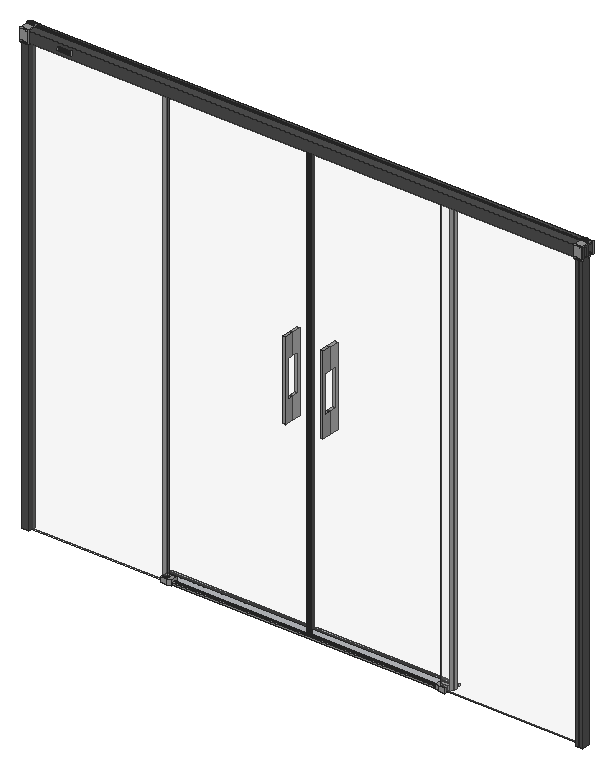
Revit family "Sanitary_Shower-screens_Duscholux_DuschoGredel_DuschoSyna_Slider-twin-doors-bath", category Plumbing Fixtures, Revit 2017
Family settings
  Round Connector Dimension = Use Diameter
  Part Type = Normal
  OmniClass Number = 23.45.00.00
  OmniClass Title = Sanitary, Laundry, and Cleaning Equipment
  Work Plane-Based = No
  Always vertical = Yes
  Cut with Voids When Loaded = No
  Shared = No
  Room Calculation Point = No
Parameters (values of type "Black Aluminium Finish")
  Uniclass 2015 Description = "Shower Enclosures"
  Uniclass 2015 Code = "PR-40-20-06-79"
  URL = "http://www.duscholux.es/"
  UNSPSC Code = "30181507"
  Thickness Safety Glass Sliding = 5 mm  # constant formula
  Text visibility = yes
  Technical Inspection Certificate (Applus) = "http://www.duscholux.es/resources/custom/var/APPLUS_en.pdf"
  Series = "Duscho Gredel"
  Region South America = "Consult"
  Region Oceania = "Consult"
  Region North America = "Consult"
  Region Middle East = "Consult"
  Region Europe = "AD, ES, FR, PT"
  Region Asia = "Consult"
  Region Antartica = "Consult"
  Region Africa = "Consult"
  Ref. = "6AW"
  Products = "http://www.duscholux.es/mamparas_filtro.aspx?es"
  Product group = "front for bath"
  Product family = "Duscho Gredel"
  Optional = "Towel rail / Shelf"
  Opening System Image = "http://blob.duscholux.es/pluma512/FB2f2pcorredera.gif"
  Opening System = "Sliding"
  Opening Percentage = 0
  Net Weight (Kg) = 54
  NBS Reference Description = "Shower Enclosures"
  NBS Reference Code = "45-35-70"
  Model = "DuschoSyna"
  Manufacturer name = "Duscholux Ibérica, S.A."
  Manufacturer country = "Spain"
  Manufacturer = "Duscholux Ibérica, S.A."
  Maintenance and Cleaning = "http://www.duscholux.es/mamparas_limpieza.aspx?en"
  Logo visibility = yes
  Image = "http://www.duscholux.es/resources/custom/img/mamparas/DUSCHO%20GREDEL/modelos/2F2PFBC/mampara_h.jpg"
  IFC Classification = "Furnishing Element"
  Handle Material = Chrome Finish
  Glass in Building UNE EN 12150 = "CE Conformity marking"
  Glass Material = Glass_Material-Duscholux
  Thickness Safety Glass Fixed Panels = 8 mm  # constant formula
  Frame Material = Black Aluminium Finish
  Fact Sheet = "http://blob.duscholux.es/enpdf2018/Syna2F2PFB.pdf"
  Environmental Management ISO 14001 = "ECOEMBES Certificate"
  Edition number = "1"
  Design country = "Spain / Germany"
  Description = "2 fixed segments + slider twin doors for bath"
  Date of publishing = ""
  Configuration enclosure = "http://configuratumampara.duscholux.es/eCatalogo.aspx"
  Components = "European components"
  Combinations = "Lateral 90°"
  Certified Quality UNE EN 14428 = "http://www.duscholux.es/duscholux_downloads.aspx?es"
  COBIe Type Category = ""
  Brand = "Duscholux"
  Assembly Code = "C1030200"
  Opening Door = ((Min Max Width / 4) - 110 mm) * Opening Percentage / 100  # 0 mm
  Sliding Door Width = (Min Max Width / 4) + 9 mm  # 509 mm
  Width = 2100 mm
  Min Max Width = if(Width < 1160 mm, 1160 mm, if(Width > 2000 mm, 2000 mm, Width))  # 2000 mm
  Handle Height = (Max Height / 2) + Bath Height  # 1373.479 mm
  Max Height = if(Height > 1600 mm, 1600 mm, Height)  # 1600 mm
  Height = 1900 mm
  Bath Height = 573.479 mm
  Accesories Material = Chrome Finish
Types (5, lengths in mm): name | Product group | Handle Material | Frame Material | Components | Sliding Door Width | Width | Min Max Width | Handle Height | Height | Bath Height | Accesories Material
  (no name) | "front for bath" | Chrome Finish | Black Aluminium Finish | "European components" | 509 | 2100 | 2000 | 1373.479 | 1900 | 573.479 | Chrome Finish
  Platinum Aluminium Finish | "front for bath" | Chrome Finish | Platinum Aluminium Finish | "European components" | 459 | 1800 | 1800 | 1250 | 1600 | 450 | Sillver Matt Finish
  Silver Matt Aluminium Finish | "Front for bath" | Chrome Finish | Silver Matt Aluminium Finish | "Eropean components" | 409 | 1600 | 1600 | 1300 | 1600 | 500 | Chrome Finish
  White Aluminium Finish | "Front for bath" | White Finish | White Aluminium Finish | "Eropean components" | 409 | 1600 | 1600 | 1250 | 1600 | 450 | White Finish
  Black Aluminium Finish | "front for bath" | Chrome Finish | Black Aluminium Finish | "European components" | 509 | 2100 | 2000 | 1373.479 | 1900 | 573.479 | Chrome Finish
Reference planes
  plane 1 "Centro (Frontal/Posterior)": y = 0
  plane 2: z = 0
  plane 3 "Centro (Izquierda/Derecha)": x = 0
  plane 4: y = 23.489
  plane 5: y = 4
  plane 6: y = -4
  plane 7: z = 2173.479
  plane 8: z = 2133.329
  plane 9: z = 2131.329
  plane 10: x = -8.5
  plane 11: x = 18
  plane 12: z = 1373.479
  plane 13: x = 1991.5
  plane 14: x = 991.5
  plane 15: x = 505.75
  plane 16: x = 1477.25
  plane 17: x = 491.5
  plane 18: x = 1491.5
  plane 19: x = 1041.5
  plane 20: z = 573.479
  plane 21: z = 575.379
  plane 22: x = 1502.7
  plane 23: x = 480.268
  plane 24: z = 576.679
Forms (mm)
  Extrusion 1, solid, material "Glass_Material-Duscholux"
    sketch origin (500, 0, 0) x (1, 0, 0) y (0, 1, 0)
      loop
        line (-500, 4) -> (-500, -4) -> (5.75, -4) -> (5.75, 4) -> (-500, 4)
    from 575.379 to 2158.479
  Extrusion 2, solid, material "Glass_Material-Duscholux" <- "Glass Material"
    sketch origin (-592.982, 0, 0) x (1, 0, 0) y (0, 1, 0)
      loop
        line (1068.25, 25.989) -> (1068.25, 20.989) -> (1577.25, 20.989) -> (1577.25, 25.989) -> (1068.25, 25.989)
    from 576.679 to 2158.479
  Extrusion 3, solid, material "Chrome Finish" <- "Accesories Material"
    sketch origin (15, 0, -73.479) x (1, 0, 0) y (0, 1, 0)
      loop
        line (505.75, 30.989) -> (470.75, 30.989) -> (470.75, -8.011) -> (492.75, -8.011) -> (505.75, -4.011) -> (505.75, 30.989)
    from 646.958 to 664.958
  Extrusion 4, void
    sketch origin (15, -100, 0) x (1, 0, 0) y (0, 1, 0)
      loop
        line (490.75, 104) -> (470.75, 104) -> (470.75, 96) -> (490.75, 96) -> (490.75, 104)
    from 575.379 to 591.479
  Extrusion 5, solid, material "Black Aluminium Finish" <- "Frame Material"
    sketch origin (0, 0, 0) x (1, 0, 0) y (0, 1, 0)
      loop
        line (18, 14.7) -> (-8.5, 14.7) -> (-8.5, -10.5) -> (18, -10.5) -> (18, -4.3) -> (7.35, -4.3) -> (7.35, -9) -> (-7, -9) -> (-7, 0) -> (-7, 13.2) -> (7.35, 13.2) -> (7.35, 4.3) -> (18, 4.3) -> (18, 14.7)
    from 573.479 to 2133.329
  Extrusion 6, solid, material "Black Aluminium Finish" <- "Frame Material"
    sketch origin (0, 0, 0) x (0, 1, 0) y (0, 0, 1)
      loop
        line (-16, 2173.479) -> (-16, 2133.329) -> (-6.5, 2133.329) -> (-6.5, 2167.479) -> (0, 2167.479) -> (6.5, 2167.479) -> (6.5, 2133.329) -> (18.5, 2133.329) -> (18.5, 2137.329) -> (9.5, 2137.329) -> (9.5, 2168.739) -> (23.519, 2168.739) -> (23.519, 2171.489) -> (31.069, 2171.489) -> (31.069, 2135.339) -> (29.669, 2135.339) -> (29.669, 2133.339) -> (33.069, 2133.339) -> (33.069, 2170.489)
        arc (33.069, 2170.489) -> (32.191, 2172.611) -> (30.069, 2173.489) r 3
        line (30.069, 2173.489) -> (21.519, 2173.489) -> (21.519, 2170.739) -> (12.519, 2170.739) -> (12.519, 2173.479) -> (-16, 2173.479)
      loop
        line (-9.5, 2164.529) -> (-13, 2164.529) -> (-13, 2137.329) -> (-9.5, 2137.329) -> (-9.5, 2164.529)
    from -8.5 to 1991.5
  Extrusion 7, solid, material "Chrome Finish" <- "Accesories Material"
    sketch origin (0, 0, 0) x (0, 1, 0) y (0, 0, 1)
      loop
        arc (-15, 2175.489) -> (-17.121, 2174.611) -> (-18, 2172.489) r 3
        line (-18, 2172.489) -> (-18, 2134.667)
        arc (-18, 2134.667) -> (-16.882, 2132.199) -> (-14.289, 2131.414) r 3.281
        line (-14.289, 2131.414) -> (-14.288, 2127.337) -> (-10.5, 2127.337) -> (-10.5, 2133.329) -> (-16, 2133.329) -> (-16, 2173.479) -> (30.191, 2173.479)
        arc (30.191, 2173.479) -> (32.266, 2172.596) -> (33.069, 2170.489) r 2.881
        line (33.069, 2170.489) -> (33.069, 2133.339) -> (14.7, 2133.339) -> (14.7, 2127.337) -> (18.5, 2127.337) -> (18.5, 2131.329) -> (32.069, 2131.329)
        arc (32.069, 2131.329) -> (34.191, 2132.207) -> (35.069, 2134.329) r 3
        line (35.069, 2134.329) -> (35.069, 2170.489)
        arc (35.069, 2170.489) -> (33.605, 2174.025) -> (30.069, 2175.489) r 5
        line (30.069, 2175.489) -> (21.49, 2175.489)
        arc (21.49, 2175.489) -> (20.786, 2177.879) -> (18.52, 2178.914) r 3
        line (18.52, 2178.914) -> (12.519, 2178.914) -> (12.519, 2175.489) -> (-15, 2175.489)
    from -8.5 to 19.5
  Extrusion 8, solid, material "Chrome Finish" <- "Accesories Material"
    sketch origin (0, 0, 500) x (0, 1, 0) y (0, 0, 1)
      loop
        line (-2.433, 81.057) -> (-2.433, 73.479) -> (7.636, 73.479) -> (7.636, 81.052)
        arc (7.636, 81.052) -> (6.912, 82.799) -> (5.166, 83.522) r 2.47
        line (5.166, 83.522) -> (0.032, 83.522)
        arc (0.032, 83.522) -> (-1.711, 82.8) -> (-2.433, 81.057) r 2.465
    from 520.75 to 1462.25
  Extrusion 9, solid, material "Black Aluminium Finish" <- "Frame Material"
    sketch origin (2860, 0, 0) x (-1, 0, 0) y (0, -1, 0)
      loop
        line (895, -14.7) -> (895, -4.3) -> (884.35, -4.3) -> (884.35, -13.2) -> (870, -13.2) -> (870, 0) -> (870, 9) -> (884.35, 9) -> (884.35, 4.3) -> (895, 4.3) -> (895, 10.5) -> (868.5, 10.5) -> (868.5, -14.7) -> (895, -14.7)
    from 573.479 to 2133.329
  Extrusion 10, solid, material "Chrome Finish" <- "Accesories Material"
    sketch origin (2845, 0, 573.479) x (-1, 0, 0) y (0, -1, 0)
      loop
        line (1382.75, -30.989) -> (1382.75, 4.011) -> (1369.75, 8.011) -> (1347.75, 8.011) -> (1347.75, -30.989) -> (1382.75, -30.989)
    from 0 to 18
  Extrusion 11, void
    sketch origin (2845, 0, 0) x (-1, 0, 0) y (0, -1, 0)
      loop
        line (1347.75, -27.32) -> (1382.75, -27.32) -> (1382.75, -19.755) -> (1347.75, -19.755) -> (1347.75, -27.32)
    from 575.379 to 591.479
  Extrusion 12, void
    sketch origin (2845, -100, 0) x (-1, 0, 0) y (0, -1, 0)
      loop
        line (1367.75, -104) -> (1367.75, -96) -> (1347.75, -96) -> (1347.75, -104) -> (1367.75, -104)
    from 575.379 to 591.479
  Extrusion 13, solid, material "Glass_Material-Duscholux" <- "Glass Material"
    sketch origin (2871.312, 0, 0) x (-1, 0, 0) y (0, -1, 0)
      loop
        line (1363.612, -25.989) -> (1872.612, -25.989) -> (1872.612, -20.989) -> (1363.612, -20.989) -> (1363.612, -25.989)
    from 576.679 to 2158.479
  Extrusion 14, void
    sketch origin (15, 0, 0) x (1, 0, 0) y (0, 1, 0)
      loop
        line (470.75, 27.32) -> (470.75, 19.755) -> (505.75, 19.755) -> (505.75, 27.32) -> (470.75, 27.32)
    from 575.379 to 591.479
  Extrusion 15, solid, material "Glass_Material-Duscholux" <- "Glass Material"
    sketch origin (2360, 0, 0) x (-1, 0, 0) y (0, -1, 0)
      loop
        line (377, -4) -> (882.75, -4) -> (882.75, 4) -> (377, 4) -> (377, -4)
    from 575.379 to 2158.479
  Extrusion 16, solid, material "Plástico, transparente", detail levels fine
    sketch origin (-13.805, 0, 0) x (1, 0, 0) y (0, 1, 0)
      loop
        line (494.073, 26.267) -> (494.073, 27.32) -> (487.773, 27.32) -> (487.773, 19.707) -> (492.973, 19.707) -> (492.973, 5.807) -> (494.073, 5.807) -> (494.073, 20.807) -> (489.073, 20.807) -> (489.073, 26.267) -> (494.073, 26.267)
    from 576.679 to 2158.479
  Extrusion 17, solid, material "Plástico, transparente", detail levels fine
    sketch origin (2816.805, 0, 0) x (-1, 0, 0) y (0, -1, 0)
      loop
        line (1314.105, -26.267) -> (1309.105, -26.267) -> (1309.105, -20.807) -> (1314.105, -20.807) -> (1314.105, -5.807) -> (1313.005, -5.807) -> (1313.005, -19.707) -> (1307.805, -19.707) -> (1307.805, -27.32) -> (1314.105, -27.32) -> (1314.105, -26.267)
    from 576.679 to 2158.479
  Extrusion 18, solid, material "White Aluminium Finish"
    sketch origin (27.858, 0, 0) x (1, 0, 0) y (0, 1, 0)
      loop
        line (970.842, 20.989) -> (970.842, 26.186) -> (972.542, 26.186)
        arc (972.542, 26.186) -> (973.084, 26.664) -> (972.802, 27.33) r 0.619
        arc (972.802, 27.33) -> (972.279, 27.623) -> (971.735, 27.875) r 8
        arc (971.735, 27.875) -> (969.197, 28.479) -> (966.599, 28.234) r 8
        arc (966.599, 28.234) -> (965.845, 27.841) -> (965.542, 27.046) r 1.197
        line (965.542, 27.046) -> (965.542, 25.986) -> (963.642, 25.986) -> (963.642, 21.189) -> (965.542, 21.189) -> (965.542, 20.129)
        arc (965.542, 20.129) -> (965.845, 19.334) -> (966.599, 18.94) r 1.197
        arc (966.599, 18.94) -> (969.197, 18.695) -> (971.735, 19.299) r 8
        arc (971.735, 19.299) -> (972.279, 19.552) -> (972.802, 19.845) r 8
        arc (972.802, 19.845) -> (973.084, 20.51) -> (972.542, 20.989) r 0.619
        line (972.542, 20.989) -> (970.842, 20.989)
      loop
        line (969.842, 19.886) -> (969.842, 27.286) -> (966.342, 27.286) -> (966.342, 19.886) -> (969.842, 19.886)
    from 573.479 to 2158.479
  Extrusion 19, solid, material "White Aluminium Finish"
    sketch origin (-15, 0, 0) x (1, 0, 0) y (0, 1, 0)
      loop
        line (1006.5, 25.986) -> (1004.568, 25.986) -> (1004.568, 27.046)
        arc (1004.568, 27.046) -> (1004.265, 27.841) -> (1003.511, 28.234) r 1.197
        arc (1003.511, 28.234) -> (1000.913, 28.479) -> (998.375, 27.875) r 8
        arc (998.375, 27.875) -> (997.831, 27.623) -> (997.308, 27.33) r 8
        arc (997.308, 27.33) -> (997.026, 26.664) -> (997.568, 26.186) r 0.619
        line (997.568, 26.186) -> (999.268, 26.186) -> (999.268, 20.989) -> (997.568, 20.989)
        arc (997.568, 20.989) -> (997.026, 20.51) -> (997.308, 19.845) r 0.619
        arc (997.308, 19.845) -> (997.831, 19.552) -> (998.375, 19.299) r 8
        arc (998.375, 19.299) -> (1000.913, 18.695) -> (1003.511, 18.94) r 8
        arc (1003.511, 18.94) -> (1004.265, 19.334) -> (1004.568, 20.129) r 1.197
        line (1004.568, 20.129) -> (1004.568, 21.189) -> (1006.5, 21.189) -> (1006.5, 25.986)
      loop
        line (1000.268, 27.286) -> (1000.268, 19.886) -> (1003.768, 19.886) -> (1003.768, 27.286) -> (1000.268, 27.286)
    from 573.479 to 2158.479
  Extrusion 20, solid, material "Chrome Finish" <- "Accesories Material"
    sketch origin (2083, 0, 0) x (0, 1, 0) y (0, 0, -1)
      loop
        line (-15, -2175.489) -> (12.519, -2175.489) -> (12.519, -2178.914) -> (18.52, -2178.914)
        arc (18.52, -2178.914) -> (20.786, -2177.879) -> (21.49, -2175.489) r 3
        line (21.49, -2175.489) -> (30.069, -2175.489)
        arc (30.069, -2175.489) -> (33.605, -2174.025) -> (35.069, -2170.489) r 5
        line (35.069, -2170.489) -> (35.069, -2134.329)
        arc (35.069, -2134.329) -> (34.191, -2132.207) -> (32.069, -2131.329) r 3
        line (32.069, -2131.329) -> (18.5, -2131.329) -> (18.5, -2127.337) -> (14.7, -2127.337) -> (14.7, -2133.339) -> (33.069, -2133.339) -> (33.069, -2170.489)
        arc (33.069, -2170.489) -> (32.266, -2172.596) -> (30.191, -2173.479) r 2.881
        line (30.191, -2173.479) -> (-16, -2173.479) -> (-16, -2133.329) -> (-10.5, -2133.329) -> (-10.5, -2127.337) -> (-14.288, -2127.337) -> (-14.289, -2131.414)
        arc (-14.289, -2131.414) -> (-16.882, -2132.199) -> (-18, -2134.667) r 3.281
        line (-18, -2134.667) -> (-18, -2172.489)
        arc (-18, -2172.489) -> (-17.121, -2174.611) -> (-15, -2175.489) r 3
    from 91.5 to 119.5
  Extrusion 21, solid, detail levels fine
    sketch origin (0, -1.361, 1.3) x (0, -1, 0) y (0, 0, -1)
      loop
        line (-27.6, -575.379) -> (-22.1, -575.379) -> (-22.1, -592.279) -> (-21, -592.279) -> (-21, -574.079) -> (-28.7, -574.079) -> (-28.7, -588.027)
        arc (-28.7, -588.027) -> (-29.066, -588.729) -> (-29.851, -588.833) r 0.858
        line (-29.851, -588.833) -> (-49.35, -579.256) -> (-49.35, -574.692)
        arc (-49.35, -574.692) -> (-50.1, -574.355) -> (-50.85, -574.692) r 1.005
        line (-50.85, -574.692) -> (-50.85, -580.256) -> (-28.082, -592.158)
        arc (-28.082, -592.158) -> (-27.529, -592.098) -> (-27.373, -591.565) r 0.5
        line (-27.373, -591.565) -> (-27.6, -590.278) -> (-27.6, -575.379)
    from 480.268 to 984.268
  Extrusion 22, solid, detail levels fine
    sketch origin (1783, -1.361, 1.3) x (0, -1, 0) y (0, 0, 1)
      loop
        line (-27.6, 575.379) -> (-27.6, 590.278) -> (-27.373, 591.565)
        arc (-27.373, 591.565) -> (-27.529, 592.098) -> (-28.082, 592.158) r 0.5
        line (-28.082, 592.158) -> (-50.85, 580.256) -> (-50.85, 574.692)
        arc (-50.85, 574.692) -> (-50.1, 574.355) -> (-49.35, 574.692) r 1.005
        line (-49.35, 574.692) -> (-49.35, 579.256) -> (-29.851, 588.833)
        arc (-29.851, 588.833) -> (-29.066, 588.729) -> (-28.7, 588.027) r 0.858
        line (-28.7, 588.027) -> (-28.7, 574.079) -> (-21, 574.079) -> (-21, 592.279) -> (-22.1, 592.279) -> (-22.1, 575.379) -> (-27.6, 575.379)
    from 280.3 to 784.3
  Extrusion 23, void
    sketch origin (0, 0, 0) x (0, 1, 0) y (0, 0, 1)
      loop
        line (30.989, 591.479) -> (27.32, 591.479) -> (27.32, 590.695) -> (30.989, 588.905) -> (30.989, 591.479)
    from 485.75 to 520.75
  Extrusion 24, void
    sketch origin (0, 0, 0) x (0, 1, 0) y (0, 0, 1)
      loop
        line (30.989, 591.479) -> (27.32, 591.479) -> (27.32, 590.695) -> (30.989, 588.905) -> (30.989, 591.479)
    from 1462.25 to 1497.25
Cuts and joins
  Extrusion 11 cuts Extrusion 2
  Extrusion 4, Extrusion 11, Extrusion 12, Extrusion 14, Extrusion 23 cuts Extrusion 3
  Extrusion 4, Extrusion 12 cuts Extrusion 1
  Extrusion 11, Extrusion 12, Extrusion 14, Extrusion 24 cuts Extrusion 10
Lines and regions (mm)
  reference lines
    curve 1: line (0, 14.7, 2127.337) -> (0, 18.5, 2127.337)
    curve 2: line (0, 14.7, 2127.337) -> (0, 18.5, 2127.337)
Dimensions and locks
  equal spacing: plane 5, plane 1 "Centro (Frontal/Posterior)", plane 6
  "Thickness Safety Glass Fixed Panels": plane 5 to plane 6
  locked: plane 7 to cut or joined group of Extrusion 1, Extrusion 4, Extrusion 12 at 15  (x2)
  locked: plane 7 to plane 8 at 40.15
  locked: Extrusion 7 to Extrusion 7 at 28
  plane 9 to plane 8 = 2 mm
  locked: plane 8 to plane 9 at 2
  locked: plane 10 to plane 3 "Centro (Izquierda/Derecha)" at 8.5
  "Handle Height": plane 12 to level
  equal spacing: plane 10, plane 17, plane 14, plane 18, plane 13
  locked: Extrusion 15 to Extrusion 9 at 8.5
  locked: Extrusion 17 to Extrusion 17 at 1.3
  locked: Extrusion 17 to Extrusion 17 at 6.3
  locked: Extrusion 18 to Extrusion 18 at 7.2
  locked: Extrusion 19 to Extrusion 19 at 7.232
  locked: Extrusion 18 to nested 4 at 60
  locked: nested 2 to cut or joined group of Extrusion 2, Extrusion 11 at 60
  locked: Extrusion 16 to Extrusion 16 at 6.3  (x2)
  locked: Extrusion 16 to Extrusion 16 at 1.3
  "Sliding Door Width": cut or joined group of Extrusion 2, Extrusion 11 to cut or joined group of Extrusion 2, Extrusion 11
  "Opening Door": Extrusion 19 to plane 14
  "Opening Door": plane 14 to Extrusion 18
  locked: cut or joined group of Extrusion 10, Extrusion 11, Extrusion 12, Extrusion 14, Extrusion 24 to plane 18 at 29.25
  locked: plane 18 to cut or joined group of Extrusion 10, Extrusion 11, Extrusion 12, Extrusion 14, Extrusion 24 at 5.75
  locked: plane 16 to plane 18 at 14.25
  locked: plane 17 to cut or joined group of Extrusion 3, Extrusion 4, Extrusion 11, Extrusion 12, Extrusion 14, Extrusion 23 at 29.25
  locked: cut or joined group of Extrusion 3, Extrusion 4, Extrusion 11, Extrusion 12, Extrusion 14, Extrusion 23 to plane 17 at 5.75
  locked: plane 17 to plane 15 at 14.25
  locked: Extrusion 20 to Extrusion 20 at 28  (x2)
  locked: Extrusion 16 to Extrusion 16 at 1.1
  "Thickness Safety Glass Sliding": cut or joined group of Extrusion 2, Extrusion 11 to cut or joined group of Extrusion 2, Extrusion 11
  "Bath Height": plane 20 to plane 2
  locked: cut or joined group of Extrusion 10, Extrusion 11, Extrusion 12, Extrusion 14, Extrusion 24 to plane 20 at 18
  locked: cut or joined group of Extrusion 3, Extrusion 4, Extrusion 11, Extrusion 12, Extrusion 14, Extrusion 23 to plane 20 at 18
  locked: plane 21 to plane 20 at 1.9
  locked: plane 18 to plane 22 at 11.2
  locked: plane 23 to plane 17 at 11.232
  locked: plane 24 to plane 20 at 3.2
  locked: plane 10 to nested 5 at 158.742
  locked: plane 7 to nested 5 at 18.95
  "Max Height": plane 7 to plane 20
  "Min Max Width": plane 10 to plane 13
  aligned and locked: level to plane 2
  aligned and locked: cut or joined group of Extrusion 3, Extrusion 4, Extrusion 11, Extrusion 12, Extrusion 14, Extrusion 23 to Extrusion 4 sketch curve
  aligned and locked: plane 5 to cut or joined group of Extrusion 1, Extrusion 4, Extrusion 12
  aligned and locked: plane 6 to cut or joined group of Extrusion 1, Extrusion 4, Extrusion 12
  aligned and locked: cut or joined group of Extrusion 1, Extrusion 4, Extrusion 12 to cut or joined group of Extrusion 3, Extrusion 4, Extrusion 11, Extrusion 12, Extrusion 14, Extrusion 23  (x3)
  aligned and locked: cut or joined group of Extrusion 2, Extrusion 11 to cut or joined group of Extrusion 1, Extrusion 4, Extrusion 12
  aligned and locked: Extrusion 6 sketch curve to plane 7
  aligned and locked: Extrusion 6 sketch curve to Extrusion 6 sketch curve
  aligned and locked: Extrusion 6 to Extrusion 5
  aligned and locked: Extrusion 6 to plane 8
  aligned and locked: plane 8 to Extrusion 5
  aligned and locked: Extrusion 7 to Extrusion 6
  aligned and locked: Extrusion 5 to plane 10
  aligned and locked: cut or joined group of Extrusion 1, Extrusion 4, Extrusion 12 to plane 3 "Centro (Izquierda/Derecha)"
  aligned and locked: plane 12 to nested 1
  aligned and locked: nested 2 to plane 12
  aligned and locked: Extrusion 8 to cut or joined group of Extrusion 3, Extrusion 4, Extrusion 11, Extrusion 12, Extrusion 14, Extrusion 23
  aligned and locked: plane 13 to Extrusion 9
  aligned and locked: Extrusion 10 to Extrusion 11 sketch curve
  aligned and locked: Extrusion 8 to cut or joined group of Extrusion 10, Extrusion 11, Extrusion 12, Extrusion 14, Extrusion 24
  aligned and locked: plane 5 to Extrusion 15
  aligned and locked: plane 6 to Extrusion 15
  aligned and locked: plane 16 to Extrusion 15
  aligned and locked: plane 16 to Extrusion 12
  aligned and locked: cut or joined group of Extrusion 10, Extrusion 11, Extrusion 12, Extrusion 14, Extrusion 24 to Extrusion 12
  aligned and locked: plane 13 to Extrusion 6
  aligned and locked: Extrusion 9 to plane 8
  aligned and locked: Extrusion 16 to cut or joined group of Extrusion 2, Extrusion 11  (x2)
  aligned and locked: Extrusion 19 to cut or joined group of Extrusion 2, Extrusion 11
  aligned and locked: cut or joined group of Extrusion 2, Extrusion 11 to Extrusion 19
  aligned and locked: Extrusion 16 to Extrusion 16
  aligned and locked: nested 4 to nested 3
  aligned and locked: nested 3 to plane 12
  aligned and locked: plane 12 to nested 4
  aligned and locked: plane 13 to Extrusion 20
  aligned and locked: Extrusion 5 to plane 20
  aligned and locked: Extrusion 9 to plane 20
  aligned and locked: cut or joined group of Extrusion 10, Extrusion 11, Extrusion 12, Extrusion 14, Extrusion 24 to plane 20
  aligned and locked: cut or joined group of Extrusion 3, Extrusion 4, Extrusion 11, Extrusion 12, Extrusion 14, Extrusion 23 to plane 20
  aligned and locked: Extrusion 8 to plane 20
  aligned and locked: Extrusion 14 to cut or joined group of Extrusion 3, Extrusion 4, Extrusion 11, Extrusion 12, Extrusion 14, Extrusion 23
  aligned and locked: Extrusion 14 to plane 21
  aligned and locked: cut or joined group of Extrusion 3, Extrusion 4, Extrusion 11, Extrusion 12, Extrusion 14, Extrusion 23 to cut or joined group of Extrusion 1, Extrusion 4, Extrusion 12
  aligned and locked: cut or joined group of Extrusion 3, Extrusion 4, Extrusion 11, Extrusion 12, Extrusion 14, Extrusion 23 to plane 21
  aligned and locked: Extrusion 11 to cut or joined group of Extrusion 10, Extrusion 11, Extrusion 12, Extrusion 14, Extrusion 24
  aligned and locked: Extrusion 15 to plane 21
  aligned and locked: cut or joined group of Extrusion 10, Extrusion 11, Extrusion 12, Extrusion 14, Extrusion 24 to plane 21  (x2)
  aligned and locked: Extrusion 12 to cut or joined group of Extrusion 10, Extrusion 11, Extrusion 12, Extrusion 14, Extrusion 24
  aligned and locked: Extrusion 19 to plane 20
  aligned and locked: Extrusion 18 to plane 20
  aligned and locked: Extrusion 21 to cut or joined group of Extrusion 2, Extrusion 11
  aligned and locked: Extrusion 22 to plane 22
  aligned and locked: Extrusion 22 to Extrusion 13
  aligned and locked: plane 23 to Extrusion 21
  aligned and locked: cut or joined group of Extrusion 2, Extrusion 11 to Extrusion 13
  aligned and locked: Extrusion 13 to Extrusion 15
  aligned and locked: Extrusion 15 to Extrusion 17
  aligned and locked: Extrusion 18 to Extrusion 13
  aligned and locked: Extrusion 13 to Extrusion 18
  aligned and locked: Extrusion 13 to plane 24
  aligned and locked: cut or joined group of Extrusion 2, Extrusion 11 to plane 24
  aligned and locked: Extrusion 17 to plane 24
  aligned and locked: Extrusion 16 to plane 24
  aligned and locked: Extrusion 23 to cut or joined group of Extrusion 3, Extrusion 4, Extrusion 11, Extrusion 12, Extrusion 14, Extrusion 23  (x3)
  aligned and locked: cut or joined group of Extrusion 3, Extrusion 4, Extrusion 11, Extrusion 12, Extrusion 14, Extrusion 23 to Extrusion 23  (x2)
  aligned and locked: cut or joined group of Extrusion 3, Extrusion 4, Extrusion 11, Extrusion 12, Extrusion 14, Extrusion 23 to Extrusion 24
  aligned and locked: Extrusion 24 to cut or joined group of Extrusion 3, Extrusion 4, Extrusion 11, Extrusion 12, Extrusion 14, Extrusion 23  (x2)
  aligned and locked: cut or joined group of Extrusion 10, Extrusion 11, Extrusion 12, Extrusion 14, Extrusion 24 to Extrusion 24
  aligned and locked: Extrusion 24 to cut or joined group of Extrusion 10, Extrusion 11, Extrusion 12, Extrusion 14, Extrusion 24
Automatic sketch dimensions
  Extrusion 1 sketch curve to plane 3 "Centro (Izquierda/Derecha)" = 0 mm
  plane 6 to Extrusion 1 sketch curve = 0 mm
  Extrusion 1 sketch curve to plane 15 = 0 mm
  Extrusion 1 sketch curve to plane 5 = 0 mm
  plane 4 to Extrusion 2 sketch curve = 2.5 mm
  Extrusion 2 sketch curve to plane 17 = 16.232 mm
  Extrusion 2 sketch curve to plane 14 = 7.232 mm
  Extrusion 2 sketch curve to plane 4 = 2.5 mm
  Extrusion 3 sketch curve to plane 17 = 5.75 mm
  plane 15 to Extrusion 3 sketch curve = 2 mm
  plane 6 to Extrusion 3 sketch curve = 0.011 mm
  Extrusion 3 sketch curve to Extrusion 3 sketch curve = 13 mm
  plane 6 to Extrusion 3 sketch curve = 4.011 mm
  Extrusion 3 sketch curve to plane 4 = 7.5 mm
  plane 6 to Extrusion 4 sketch curve = 0 mm
  Extrusion 4 sketch curve to plane 15 = 0 mm
  Extrusion 4 sketch curve to plane 5 = 0 mm
  plane 9 to curve 2 = 3.992 mm
  plane 4 to curve 2 = 8.789 mm
  curve 1 to curve 2 = 3.8 mm
  Extrusion 5 sketch curve to plane 10 = 0 mm
  plane 1 "Centro (Frontal/Posterior)" to Extrusion 5 sketch curve = 0 mm
  Extrusion 5 sketch curve to plane 11 = 0 mm  (x2)
  plane 10 to Extrusion 5 sketch curve = 1.5 mm
  plane 3 "Centro (Izquierda/Derecha)" to Extrusion 5 sketch curve = 7.35 mm  (x2)
  plane 5 to Extrusion 5 sketch curve = 0.3 mm
  plane 6 to Extrusion 5 sketch curve = 0.3 mm
  plane 6 to Extrusion 5 sketch curve = 5 mm
  Extrusion 5 sketch curve to Extrusion 5 sketch curve = 1.5 mm
  plane 5 to Extrusion 5 sketch curve = 9.2 mm
  plane 4 to Extrusion 5 sketch curve = 8.789 mm
  Extrusion 6 sketch curve to plane 8 = 0 mm  (x2)
  Extrusion 6 sketch curve to plane 1 "Centro (Frontal/Posterior)" = 0 mm
  plane 6 to Extrusion 6 sketch curve = 2.5 mm
  Extrusion 6 sketch curve to Extrusion 6 sketch curve = 3 mm  (x3)
  Extrusion 6 sketch curve to Extrusion 6 sketch curve = 3.5 mm
  plane 5 to Extrusion 6 sketch curve = 2.5 mm
  Extrusion 6 sketch curve to Extrusion 6 sketch curve = 3.019 mm
  plane 4 to Extrusion 6 sketch curve = 4.989 mm
  plane 7 to Extrusion 6 sketch curve = 0.011 mm
  plane 4 to Extrusion 6 sketch curve = 1.969 mm
  Extrusion 6 sketch curve to plane 4 = 0.031 mm
  plane 8 to Extrusion 6 sketch curve = 0.011 mm
  Extrusion 6 sketch curve to plane 4 = 6.181 mm
  Extrusion 6 sketch curve to plane 4 = 6.581 mm
  Extrusion 6 sketch curve to Extrusion 6 sketch curve = 1 mm  (x2)
  Extrusion 6 sketch curve to Extrusion 6 sketch curve = 2 mm
  plane 8 to Extrusion 6 sketch curve = 2.011 mm
  plane 8 to Extrusion 6 sketch curve = 4 mm
  Extrusion 6 sketch curve to plane 7 = 8.95 mm
  Extrusion 6 sketch curve to Extrusion 6 sketch curve = 2.95 mm
  Extrusion 6 sketch curve to plane 7 = 4.739 mm
  Extrusion 6 sketch curve to plane 7 = 2.739 mm
  Extrusion 7 sketch curve to plane 8 = 0 mm
  Extrusion 7 sketch curve to plane 7 = 0 mm
  plane 9 to Extrusion 7 sketch curve = 0 mm
  plane 8 to Extrusion 7 sketch curve = 1.338 mm
  plane 6 to Extrusion 7 sketch curve = 14 mm
  Extrusion 7 sketch curve to Extrusion 7 sketch curve = 2 mm
  Extrusion 7 sketch curve to Extrusion 7 sketch curve = 1 mm  (x2)
  Extrusion 7 sketch curve to Extrusion 7 sketch curve = 1.281 mm
  Extrusion 7 sketch curve to plane 9 = 0.085 mm
  plane 9 to Extrusion 7 sketch curve = 3.992 mm  (x2)
  Extrusion 7 sketch curve to Extrusion 7 sketch curve = 0.001 mm
  Extrusion 7 sketch curve to Extrusion 7 sketch curve = 3.789 mm
  plane 7 to Extrusion 7 sketch curve = 2.011 mm  (x2)
  plane 5 to Extrusion 7 sketch curve = 8.519 mm
  plane 4 to Extrusion 7 sketch curve = 8.789 mm
  Extrusion 7 sketch curve to Extrusion 7 sketch curve = 3.8 mm
  plane 7 to Extrusion 7 sketch curve = 2.435 mm
  plane 4 to Extrusion 7 sketch curve = 4.969 mm
  plane 4 to Extrusion 7 sketch curve = 1.999 mm
  Extrusion 7 sketch curve to plane 4 = 6.581 mm
  Extrusion 7 sketch curve to Extrusion 7 sketch curve = 0.121 mm  (x2)
  Extrusion 7 sketch curve to plane 4 = 8.581 mm
  plane 8 to Extrusion 7 sketch curve = 0.011 mm
  plane 8 to Extrusion 7 sketch curve = 1 mm
  Extrusion 7 sketch curve to Extrusion 7 sketch curve = 0 mm
  Extrusion 8 sketch curve to plane 20 = 0 mm
  Extrusion 8 sketch curve to plane 6 = 1.567 mm
  Extrusion 8 sketch curve to plane 1 "Centro (Frontal/Posterior)" = 0.032 mm
  plane 5 to Extrusion 8 sketch curve = 1.166 mm
  plane 5 to Extrusion 8 sketch curve = 3.636 mm
  plane 21 to Extrusion 8 sketch curve = 5.674 mm
  Extrusion 9 sketch curve to plane 13 = 0 mm
  plane 1 "Centro (Frontal/Posterior)" to Extrusion 9 sketch curve = 0 mm
  plane 13 to Extrusion 9 sketch curve = 1.5 mm
  Extrusion 9 sketch curve to plane 6 = 5 mm
  Extrusion 9 sketch curve to Extrusion 9 sketch curve = 14.35 mm
  Extrusion 9 sketch curve to plane 5 = 0.3 mm
  Extrusion 9 sketch curve to Extrusion 9 sketch curve = 0 mm  (x2)
  Extrusion 9 sketch curve to Extrusion 9 sketch curve = 10.65 mm
  Extrusion 9 sketch curve to Extrusion 9 sketch curve = 1.5 mm
  Extrusion 9 sketch curve to plane 6 = 0.3 mm
  Extrusion 9 sketch curve to plane 5 = 9.2 mm
  Extrusion 9 sketch curve to plane 4 = 8.789 mm
  plane 18 to Extrusion 10 sketch curve = 5.75 mm
  Extrusion 10 sketch curve to plane 16 = 2 mm
  Extrusion 10 sketch curve to plane 6 = 0.011 mm
  Extrusion 10 sketch curve to Extrusion 10 sketch curve = 13 mm
  Extrusion 10 sketch curve to plane 6 = 4.011 mm
  plane 4 to Extrusion 10 sketch curve = 7.5 mm
  Extrusion 11 sketch curve to plane 4 = 3.734 mm
  Extrusion 11 sketch curve to plane 16 = 15 mm
  plane 4 to Extrusion 11 sketch curve = 3.831 mm
  Extrusion 12 sketch curve to plane 5 = 0 mm
  plane 6 to Extrusion 12 sketch curve = 0 mm
  Extrusion 12 sketch curve to plane 16 = 0 mm
  Extrusion 12 sketch curve to plane 18 = 5.75 mm
  Extrusion 13 sketch curve to plane 4 = 2.5 mm
  plane 18 to Extrusion 13 sketch curve = 16.2 mm
  Extrusion 13 sketch curve to plane 14 = 7.2 mm
  plane 4 to Extrusion 13 sketch curve = 2.5 mm
  Extrusion 14 sketch curve to plane 17 = 5.75 mm
  plane 4 to Extrusion 14 sketch curve = 3.734 mm
  plane 15 to Extrusion 14 sketch curve = 15 mm
  Extrusion 14 sketch curve to plane 4 = 3.831 mm
  plane 6 to Extrusion 15 sketch curve = 0 mm
  Extrusion 15 sketch curve to plane 5 = 0 mm
  Extrusion 15 sketch curve to plane 16 = 0 mm
  plane 13 to Extrusion 15 sketch curve = 8.5 mm
  Extrusion 16 sketch curve to plane 4 = 3.831 mm
  Extrusion 16 sketch curve to plane 17 = 17.532 mm
  Extrusion 16 sketch curve to Extrusion 16 sketch curve = 1.3 mm
  plane 5 to Extrusion 16 sketch curve = 1.807 mm
  Extrusion 16 sketch curve to plane 17 = 12.332 mm
  Extrusion 16 sketch curve to Extrusion 16 sketch curve = 1.1 mm  (x2)
  Extrusion 16 sketch curve to Extrusion 16 sketch curve = 5 mm
  plane 4 to Extrusion 16 sketch curve = 3.781 mm
  Extrusion 16 sketch curve to Extrusion 16 sketch curve = 1.053 mm
  plane 4 to Extrusion 17 sketch curve = 3.831 mm
  plane 18 to Extrusion 17 sketch curve = 17.5 mm
  Extrusion 17 sketch curve to Extrusion 17 sketch curve = 1.3 mm
  Extrusion 17 sketch curve to plane 5 = 1.807 mm
  plane 18 to Extrusion 17 sketch curve = 12.3 mm
  Extrusion 17 sketch curve to Extrusion 17 sketch curve = 1.1 mm  (x2)
  Extrusion 17 sketch curve to Extrusion 17 sketch curve = 5 mm
  Extrusion 17 sketch curve to plane 4 = 3.781 mm
  Extrusion 17 sketch curve to Extrusion 17 sketch curve = 1.053 mm
  Extrusion 18 sketch curve to Extrusion 18 sketch curve = 0 mm  (x4)
  plane 14 to Extrusion 18 sketch curve = 0 mm
  Extrusion 18 sketch curve to Extrusion 18 sketch curve = 1.9 mm  (x4)
  Extrusion 18 sketch curve to Extrusion 18 sketch curve = 0.8 mm
  Extrusion 18 sketch curve to Extrusion 18 sketch curve = 0.397 mm  (x2)
  Extrusion 18 sketch curve to Extrusion 18 sketch curve = 1.203 mm
  Extrusion 18 sketch curve to Extrusion 18 sketch curve = 1 mm
  Extrusion 18 sketch curve to Extrusion 18 sketch curve = 1.638 mm  (x2)
  Extrusion 18 sketch curve to Extrusion 18 sketch curve = 0.062 mm  (x2)
  plane 4 to Extrusion 18 sketch curve = 3.603 mm
  Extrusion 18 sketch curve to Extrusion 18 sketch curve = 0.243 mm
  Extrusion 18 sketch curve to Extrusion 18 sketch curve = 0.487 mm
  Extrusion 18 sketch curve to Extrusion 18 sketch curve = 0.613 mm
  Extrusion 18 sketch curve to Extrusion 18 sketch curve = 1.102 mm
  Extrusion 18 sketch curve to Extrusion 18 sketch curve = 1.06 mm  (x2)
  Extrusion 18 sketch curve to plane 4 = 2.498 mm
  Extrusion 18 sketch curve to plane 4 = 2.697 mm
  Extrusion 18 sketch curve to Extrusion 18 sketch curve = 0.49 mm
  Extrusion 18 sketch curve to Extrusion 18 sketch curve = 0.616 mm
  Extrusion 18 sketch curve to Extrusion 18 sketch curve = 0.24 mm
  Extrusion 18 sketch curve to Extrusion 18 sketch curve = 0.257 mm  (x2)
  Extrusion 18 sketch curve to Extrusion 18 sketch curve = 1.067 mm  (x2)
  Extrusion 19 sketch curve to Extrusion 19 sketch curve = 0 mm  (x4)
  Extrusion 19 sketch curve to plane 14 = 0 mm
  Extrusion 19 sketch curve to Extrusion 19 sketch curve = 1.932 mm  (x2)
  Extrusion 19 sketch curve to Extrusion 19 sketch curve = 0.8 mm
  Extrusion 19 sketch curve to Extrusion 19 sketch curve = 0.397 mm  (x2)
  Extrusion 19 sketch curve to Extrusion 19 sketch curve = 1.9 mm  (x2)
  Extrusion 19 sketch curve to Extrusion 19 sketch curve = 1.203 mm
  Extrusion 19 sketch curve to Extrusion 19 sketch curve = 1 mm
  Extrusion 19 sketch curve to Extrusion 19 sketch curve = 1.638 mm  (x2)
  Extrusion 19 sketch curve to Extrusion 19 sketch curve = 0.062 mm  (x2)
  plane 4 to Extrusion 19 sketch curve = 3.603 mm
  Extrusion 19 sketch curve to Extrusion 19 sketch curve = 0.243 mm
  Extrusion 19 sketch curve to Extrusion 19 sketch curve = 0.487 mm
  Extrusion 19 sketch curve to Extrusion 19 sketch curve = 0.613 mm
  Extrusion 19 sketch curve to Extrusion 19 sketch curve = 1.102 mm
  Extrusion 19 sketch curve to Extrusion 19 sketch curve = 1.06 mm  (x2)
  Extrusion 19 sketch curve to plane 4 = 2.498 mm
  Extrusion 19 sketch curve to plane 4 = 2.697 mm
  Extrusion 19 sketch curve to Extrusion 19 sketch curve = 0.49 mm
  Extrusion 19 sketch curve to Extrusion 19 sketch curve = 0.616 mm
  Extrusion 19 sketch curve to Extrusion 19 sketch curve = 0.24 mm
  Extrusion 19 sketch curve to Extrusion 19 sketch curve = 0.257 mm  (x2)
  Extrusion 19 sketch curve to Extrusion 19 sketch curve = 1.067 mm  (x2)
  Extrusion 20 sketch curve to plane 8 = 0 mm
  Extrusion 20 sketch curve to plane 7 = 0 mm
  plane 9 to Extrusion 20 sketch curve = 0 mm
  plane 8 to Extrusion 20 sketch curve = 1.338 mm
  plane 6 to Extrusion 20 sketch curve = 14 mm
  Extrusion 20 sketch curve to Extrusion 20 sketch curve = 2 mm
  Extrusion 20 sketch curve to Extrusion 20 sketch curve = 1 mm  (x2)
  Extrusion 20 sketch curve to Extrusion 20 sketch curve = 1.281 mm
  Extrusion 20 sketch curve to plane 9 = 0.085 mm
  plane 9 to Extrusion 20 sketch curve = 3.992 mm  (x2)
  Extrusion 20 sketch curve to Extrusion 20 sketch curve = 0.001 mm
  Extrusion 20 sketch curve to Extrusion 20 sketch curve = 3.789 mm
  plane 7 to Extrusion 20 sketch curve = 2.011 mm  (x2)
  plane 5 to Extrusion 20 sketch curve = 8.519 mm
  plane 4 to Extrusion 20 sketch curve = 8.789 mm
  Extrusion 20 sketch curve to Extrusion 20 sketch curve = 3.8 mm
  plane 7 to Extrusion 20 sketch curve = 2.435 mm
  plane 4 to Extrusion 20 sketch curve = 4.969 mm
  plane 4 to Extrusion 20 sketch curve = 1.999 mm
  Extrusion 20 sketch curve to plane 4 = 6.581 mm
  Extrusion 20 sketch curve to Extrusion 20 sketch curve = 0.121 mm
  Extrusion 20 sketch curve to plane 4 = 8.581 mm
  plane 8 to Extrusion 20 sketch curve = 0.011 mm
  plane 8 to Extrusion 20 sketch curve = 1 mm
  Extrusion 20 sketch curve to Extrusion 20 sketch curve = 0.109 mm
  Extrusion 21 sketch curve to plane 21 = 0 mm
  Extrusion 21 sketch curve to plane 21 = 6.178 mm
  plane 4 to Extrusion 21 sketch curve = 26 mm
  Extrusion 21 sketch curve to Extrusion 21 sketch curve = 0.75 mm
  Extrusion 21 sketch curve to plane 21 = 5.178 mm
  Extrusion 21 sketch curve to Extrusion 21 sketch curve = 1.5 mm
  plane 4 to Extrusion 21 sketch curve = 5.001 mm
  Extrusion 21 sketch curve to Extrusion 21 sketch curve = 0.293 mm
  plane 4 to Extrusion 21 sketch curve = 3.85 mm
  plane 4 to Extrusion 21 sketch curve = 3.232 mm
  Extrusion 21 sketch curve to Extrusion 21 sketch curve = 0.232 mm
  Extrusion 21 sketch curve to Extrusion 21 sketch curve = 1.1 mm  (x2)
  Extrusion 21 sketch curve to Extrusion 21 sketch curve = 0.477 mm
  Extrusion 21 sketch curve to plane 21 = 1.3 mm
  Extrusion 21 sketch curve to plane 4 = 2.75 mm
  Extrusion 21 sketch curve to plane 21 = 0.613 mm
  Extrusion 21 sketch curve to Extrusion 21 sketch curve = 0.668 mm
  Extrusion 21 sketch curve to Extrusion 21 sketch curve = 12.648 mm
  Extrusion 21 sketch curve to Extrusion 21 sketch curve = 2.251 mm
  Extrusion 21 sketch curve to Extrusion 21 sketch curve = 1.287 mm
  Extrusion 21 sketch curve to Extrusion 21 sketch curve = 0.15 mm
  Extrusion 21 sketch curve to Extrusion 21 sketch curve = 0.714 mm
  Extrusion 22 sketch curve to plane 21 = 0 mm
  plane 21 to Extrusion 22 sketch curve = 6.178 mm
  Extrusion 22 sketch curve to plane 4 = 26 mm
  Extrusion 22 sketch curve to Extrusion 22 sketch curve = 0.75 mm
  plane 21 to Extrusion 22 sketch curve = 5.178 mm
  Extrusion 22 sketch curve to Extrusion 22 sketch curve = 1.5 mm
  Extrusion 22 sketch curve to plane 4 = 5.001 mm
  Extrusion 22 sketch curve to Extrusion 22 sketch curve = 0.293 mm
  Extrusion 22 sketch curve to plane 4 = 3.85 mm
  Extrusion 22 sketch curve to plane 4 = 3.232 mm
  Extrusion 22 sketch curve to Extrusion 22 sketch curve = 0.232 mm
  Extrusion 22 sketch curve to Extrusion 22 sketch curve = 1.1 mm  (x2)
  Extrusion 22 sketch curve to Extrusion 22 sketch curve = 0.477 mm
  plane 21 to Extrusion 22 sketch curve = 1.3 mm
  plane 4 to Extrusion 22 sketch curve = 2.75 mm
  plane 21 to Extrusion 22 sketch curve = 0.613 mm
  Extrusion 22 sketch curve to Extrusion 22 sketch curve = 0.668 mm
  Extrusion 22 sketch curve to Extrusion 22 sketch curve = 12.648 mm
  Extrusion 22 sketch curve to Extrusion 22 sketch curve = 2.251 mm
  Extrusion 22 sketch curve to Extrusion 22 sketch curve = 1.287 mm
  Extrusion 22 sketch curve to Extrusion 22 sketch curve = 0.15 mm
  Extrusion 22 sketch curve to Extrusion 22 sketch curve = 0.714 mm
  Extrusion 23 sketch curve to plane 4 = 3.831 mm
  Extrusion 23 sketch curve to Extrusion 23 sketch curve = 3.669 mm
  plane 24 to Extrusion 23 sketch curve = 14.8 mm
  Extrusion 23 sketch curve to Extrusion 23 sketch curve = 0.784 mm
  Extrusion 23 sketch curve to Extrusion 23 sketch curve = 2.573 mm
  Extrusion 24 sketch curve to plane 4 = 7.5 mm
  plane 24 to Extrusion 24 sketch curve = 12.227 mm
  Extrusion 24 sketch curve to Extrusion 24 sketch curve = 2.573 mm
  Extrusion 24 sketch curve to Extrusion 24 sketch curve = 0.784 mm
  Extrusion 24 sketch curve to Extrusion 24 sketch curve = 3.669 mm
Nested families
  nested 1: "Handle-Gredel" at (924.268, 20.989, 1373.479) x (-1, 0, 0) z (0, -1, 0), type "Handle-Gredel", detail levels medium+fine
  nested 2: "Handle-Gredel" at (924.268, 25.989, 1373.479) x (-1, 0, 0) z (0, 1, 0), type "Handle-Gredel", detail levels medium+fine
  nested 3: "Handle-Gredel" at (1058.7, 20.989, 1373.479) x (1, 0, 0) z (0, -1, 0), type "Handle-Gredel", detail levels medium+fine
  nested 4: "Handle-Gredel" at (1058.7, 25.989, 1373.479) x (1, 0, 0) z (0, 1, 0), type "Handle-Gredel", detail levels medium+fine
  nested 5: "LOGO" at (150.242, -16, 2154.529) x (1, 0, 0) z (0, -1, 0), type "LOGO"
Definition of nested family "Handle-Gredel"
  Parameters (values of type "Tirador349")
    Material Tiradores = none
    Long. tirador = 280 mm
    Espesor = 10 mm
    Default Elevation = 1219.2 mm
  Reference planes
    plane 1 "Centro (Frontal/Posterior)": y = 0
    plane 2: z = 0
    plane 3 "Centro (Izquierda/Derecha)": x = 0
    plane 4: y = 140
    plane 5: y = -140
    plane 6: x = -5
    plane 7: x = 5
  Forms (mm)
    Extrusion 1, solid
      sketch origin (0, 0, 0) x (1, 0, 0) y (0, 1, 0)
        loop
          line (-1219.2, 1219.2) -> (-1219.2, -1219.2) -> (1219.2, -1219.2) -> (1219.2, 1219.2) -> (-1219.2, 1219.2)
      from 0 to -304.8
    Extrusion 2, solid, material <- "Material Tiradores"
      sketch origin (0, 0, -20) x (0, 1, 0) y (0, 0, 1)
        loop
          line (-65, 41) -> (65, 41) -> (65, 20) -> (140, 20) -> (140, 50) -> (-140, 50) -> (-140, 20) -> (-65, 20) -> (-65, 41)
      from -5 to 5
  Dimensions and locks
    equal spacing: plane 4, plane 1 "Centro (Frontal/Posterior)", plane 5
    equal spacing: plane 6, plane 3 "Centro (Izquierda/Derecha)", plane 7
    "Espesor": plane 6 to plane 7
    "Long. tirador": plane 4 to plane 5
    aligned and locked: plane 2 to Extrusion 1
    aligned and locked: level to Extrusion 1
    aligned and locked: plane 7 to Extrusion 2
    aligned and locked: Extrusion 2 to plane 6
  Automatic sketch dimensions
    Extrusion 1 sketch curve to Extrusion 1 sketch curve = 2438.4 mm  (x2)
    plane 1 "Centro (Frontal/Posterior)" to Extrusion 2 sketch curve = 65 mm
    Extrusion 2 sketch curve to Extrusion 2 sketch curve = 21 mm
    Extrusion 2 sketch curve to plane 5 = 0 mm
    Extrusion 2 sketch curve to level = 0 mm  (x2)
    Extrusion 2 sketch curve to plane 4 = 0 mm
    Extrusion 2 sketch curve to plane 1 "Centro (Frontal/Posterior)" = 65 mm
    Extrusion 2 sketch curve to Extrusion 2 sketch curve = 30 mm
Definition of nested family "LOGO"
  Parameters (values of type "LOGO")
    logo visibility = yes
    Text visibility = yes
    Default Elevation = 1219.2 mm
  Reference planes
    plane 1 "Center (Front/Back)": y = 0
    plane 2: z = 0
    plane 3 "Center (Left/Right)": x = 0
  Forms (mm)
    Extrusion 1, solid
      sketch origin (0, 0, 0) x (1, 0, 0) y (0, 1, 0)
        loop
          line (-1219.2, 1219.2) -> (-1219.2, -1219.2) -> (1219.2, -1219.2) -> (1219.2, 1219.2) -> (-1219.2, 1219.2)
      from 0 to -304.8
    Blend 2, solid, visible <- "logo visibility"
      base sketch origin (-30.49, -3.692, 0) x (1, 0, 0) y (0, 1, 0)
        loop
          line (6.49, 11.264) -> (3.006, -3.88) -> (54.49, -3.88) -> (54.49, 11.264) -> (6.49, 11.264)
      top sketch origin (-30.49, -3.692, 0) x (1, 0, 0) y (0, 1, 0)
        loop
          line (7.286, 10.264) -> (4.263, -2.88) -> (53.49, -2.88) -> (53.49, 10.264) -> (7.286, 10.264)
      from 0 to 2
    Extrusion 3, solid, visible <- "Text visibility"
      sketch origin (-30.49, -3.692, 0) x (1, 0, 0) y (0, 1, 0)
        loop
          line (15.152, 7.116) -> (10.723, 7.116) -> (10.476, 6.041) -> (14.179, 6.041) -> (12.696, -0.409) -> (11.829, -0.409) -> (13.101, 5.12) -> (11.604, 5.12) -> (10.085, -1.484) -> (13.23, -1.484) -> (14.106, -0.786) -> (15.75, 6.364) -> (15.152, 7.116)
        loop
          line (16.173, 5.12) -> (14.828, -0.732) -> (15.426, -1.484) -> (17.802, -1.484) -> (18.675, -0.788) -> (20.034, 5.12) -> (18.537, 5.12) -> (17.33, -0.127) -> (16.464, -0.127) -> (17.67, 5.12) -> (16.173, 5.12)
        loop
          line (19.998, 1.879) -> (20.596, 1.127) -> (22.11, 1.127) -> (21.756, -0.409) -> (19.472, -0.409) -> (19.224, -1.484) -> (22.354, -1.484) -> (23.152, -0.849) -> (23.716, 1.603) -> (23.118, 2.355) -> (21.604, 2.355) -> (21.993, 4.045) -> (24.278, 4.045) -> (24.525, 5.12) -> (21.395, 5.12) -> (20.597, 4.484) -> (19.998, 1.879)
        loop
          line (25.886, 5.12) -> (25.088, 4.484) -> (23.888, -0.732) -> (24.487, -1.484) -> (26.958, -1.484) -> (27.714, -0.881) -> (28.07, 0.666) -> (26.573, 0.666) -> (26.367, -0.23) -> (25.501, -0.23) -> (26.443, 3.866) -> (27.309, 3.866) -> (27.103, 2.97) -> (28.6, 2.97) -> (28.922, 4.368) -> (28.323, 5.12) -> (25.886, 5.12)
        loop
          line (29.804, 5.12) -> (28.285, -1.484) -> (29.782, -1.484) -> (30.382, 1.127) -> (31.249, 1.127) -> (30.649, -1.484) -> (32.146, -1.484) -> (33.664, 5.12) -> (32.167, 5.12) -> (31.496, 2.202) -> (30.63, 2.202) -> (31.301, 5.12) -> (29.804, 5.12)
        loop
          arc (35.087, 5.12) -> (34.592, 5.023) -> (34.261, 4.643) r 0.775
          line (34.261, 4.643) -> (33.025, -0.732)
          arc (33.025, -0.732) -> (33.245, -1.264) -> (33.777, -1.484) r 0.752
          line (33.777, -1.484) -> (35.898, -1.484)
          arc (35.898, -1.484) -> (36.432, -1.374) -> (36.742, -0.927) r 0.733
          line (36.742, -0.927) -> (37.96, 4.368)
          arc (37.96, 4.368) -> (37.842, 4.888) -> (37.362, 5.12) r 0.614
          line (37.362, 5.12) -> (35.087, 5.12)
        loop
          line (35.521, -0.23) -> (36.463, 3.866) -> (35.464, 3.866) -> (34.522, -0.23) -> (35.521, -0.23)
        loop
          line (39.299, 7.116) -> (37.321, -1.484) -> (50.066, -1.484) -> (49.529, -0.409) -> (38.95, -0.409) -> (40.681, 7.116) -> (39.299, 7.116)
        loop
          line (47.907, 2.834) -> (50.065, 5.12) -> (48.606, 5.12) -> (47.402, 3.844) -> (46.764, 5.12) -> (45.305, 5.12) -> (46.448, 2.834) -> (44.039, 0.282) -> (45.497, 0.282) -> (46.953, 1.824) -> (47.724, 0.282) -> (49.183, 0.282) -> (47.907, 2.834)
        loop
          line (43.232, 5.12) -> (42.354, 1.305) -> (41.51, 1.305) -> (42.387, 5.12) -> (40.928, 5.12) -> (39.988, 1.034) -> (40.587, 0.282) -> (42.855, 0.282) -> (43.74, 0.987) -> (44.69, 5.12) -> (43.232, 5.12)
        loop
          circle (48.393, 7.593) r 1.398
        loop
          circle (48.393, 7.593) r 1.101
      from 1.293 to 2.2
  Dimensions and locks
    aligned and locked: plane 2 to Extrusion 1
    aligned and locked: level to Extrusion 1
